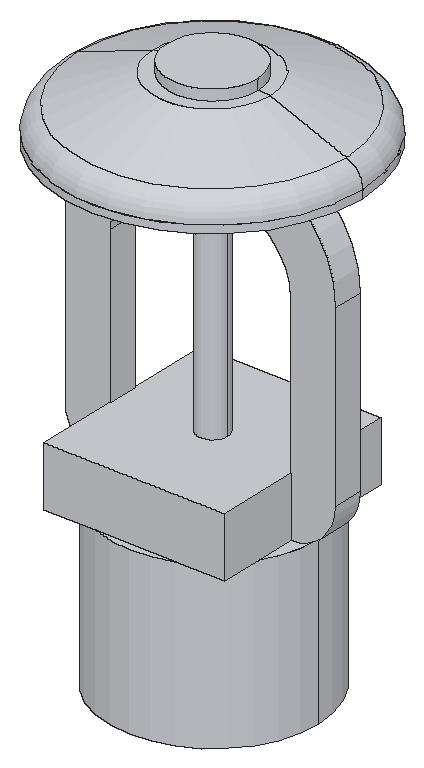
Revit family
Parameters (values of type "RASCO F1FR56-300 UPRIGHT")
  URL = ""
  Temperature Rating = 200 °F
  Response = 1
  RASCO SIN # = "RA2625"
  RASCO Part # = "F1FR56U2C3"
  Pressure Rating = "300 PSI"
  Pressure Class = 1
  Orifice Size = 1/2"
  Orifice = (empty or 0)
  Model = "F1FR56-300"
  Manufacturer = "RASCO"
  K-Factor = 5.6
  Description = "Chrome Finish"
  Coverage = (empty or 0)
Reference planes (in)
  plane 1 "Center (Front/Back)": y = 0
  plane 2: z = 0
  plane 3 "Center (Left/Right)": x = 0
Nested families (in)
  nested 1: "F1FR56U2C3" at (0.0469, -0.12159, 0), type "RASCO F1FR56-300 UPRIGHT"
Connectors (in)
  piping at (0.0469, -0.12159, 0)
    settings: on nested 1, index 1, connector radius 115/256", flow factor 0, pipe flow 0 GPM, pressure drop 0.00 psi, fitting loss kfactor 0, connector angle 0.00°, fixture units 0, flow configuration 0, flow direction 0, fitting loss method 0, system type 7, connector reference index -1, connector utility 0, adjustable connector no, is connector primary yes, fitting loss table "", connector description ""
Definition of nested family "F1FR56U2C3"
  Parameters (values of type "RASCO F1FR56-300 UPRIGHT")
    Type Comments = ""
    Temperature Rating = 0 °F
    Response = (empty or 0)
    Pressure Rating = "0"
    Pressure Class = (empty or 0)
    Orifice Size = 0"
    Orifice = (empty or 0)
    Model = ""
    Manufacturer = ""
    K-Factor = 0
    Description = ""
    Coverage = (empty or 0)
    Assembly Code = ""
  Reference planes (in)
    plane 1 "Center (Front/Back)": y = 0
    plane 2: z = 0
    plane 3 "ref.2": z = 0.6875
    plane 4 "ref.3": z = 0.9375
    plane 5: x = -0.38065
    plane 6: x = 0.36935
    plane 7 "ref. side 1": y = 0.06402
    plane 8 "ref. side 2": y = -0.06098
    plane 9 "ref.4": z = 1.875
    plane 10 "ref.5": z = 2.3125
    plane 11 "ref.6": z = 2.4375
  Forms (in)
    Extrusion 1, solid
      sketch origin (0, 0, 0) x (1, 0, 0) y (0, 1, 0)
        loop
          circle (0, 0) r 0.4375
      from 0 to 0.6875
    Extrusion 2, solid
      sketch origin (-0.12185, 0.05177, 0.6875) x (1, 0, 0) y (0, 1, 0)
        loop
          line (-0.2588, 0.356) -> (-0.2588, -0.4565) -> (0.4912, -0.4565) -> (0.4912, 0.356) -> (-0.2588, 0.356)
      from 0 to 0.25
    Extrusion 3, solid
      sketch origin (0, 0, 0) x (1, 0, 0) y (0, 0, 1)
        loop
          line (-0.38065, 0.68754) -> (-0.38065, 1.58397)
          arc (-0.38065, 1.58397) -> (-0.29541, 1.78976) -> (-0.08962, 1.875) r 0.29103
          line (-0.08962, 1.875) -> (0.07524, 1.875)
          arc (0.07524, 1.875) -> (0.28321, 1.78886) -> (0.36935, 1.58089) r 0.29411
          line (0.36935, 1.58089) -> (0.36935, 0.68751)
          arc (0.36935, 0.68751) -> (0.50207, 0.74393) -> (0.55685, 0.87734) r 0.18984
          line (0.55685, 0.87734) -> (0.55685, 1.61676)
          arc (0.55685, 1.61676) -> (0.42629, 1.93194) -> (0.11111, 2.0625) r 0.44574
          line (0.11111, 2.0625) -> (-0.12259, 2.0625)
          arc (-0.12259, 2.0625) -> (-0.43765, 1.932) -> (-0.56815, 1.61694) r 0.44556
          line (-0.56815, 1.61694) -> (-0.56815, 0.87876)
          arc (-0.56815, 0.87876) -> (-0.51345, 0.74486) -> (-0.38065, 0.68754) r 0.19126
      from -0.06402 to 0.06098
    Extrusion 4, solid
      sketch origin (0, 0, 0.9375) x (-1, 0, 0) y (0, -1, 0)
        loop
          circle (0.00574, -0.00152) r 0.0625
      from 0 to 0.9375
    Extrusion 5, solid
      sketch origin (0, 0, 1.875) x (-1, 0, 0) y (0, -1, 0)
        loop
          circle (0.00574, -0.00152) r 0.1875
      from 0 to 0.4375
    Revolve 6, solid
      sketch origin (0, 0, -0.31276) x (1, 0, 0) y (0, 0, 1)
        loop
          line (-0.19324, 2.33367) -> (-0.19324, 2.58367) -> (-0.24995, 2.58367) -> (-0.56395, 2.46314)
          arc (-0.56395, 2.46314) -> (-0.61243, 2.42492) -> (-0.63074, 2.36595) r 0.1041
          line (-0.63074, 2.36595) -> (-0.63074, 2.33367) -> (-0.19324, 2.33367)
        axis (-0.00574, 2.33367) -> (-0.00574, 2.58367)
      angle from 0 to 360
  Cuts and joins
    joined: Extrusion 1, Extrusion 2, Extrusion 4, Revolve 6
  Lines and regions (in)
    model lines
      curve 1: line (-0.00574, 0.06402, 1.875) -> (-0.00574, -0.06098, 1.875)
